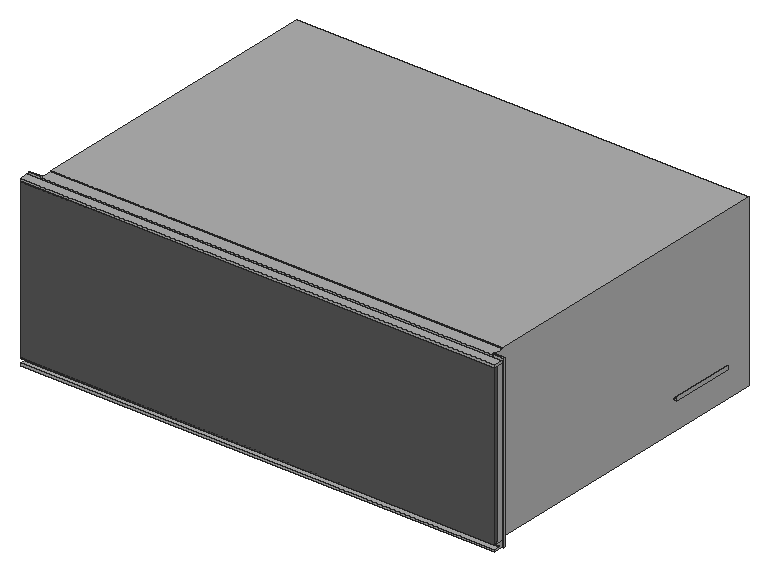
Revit family "FP-Revit20-en-VB30SDB1-VB30SDX1-VacuumDrawer-0-9000XXXX-US-CA", category Generic Models, Revit 2020
Family settings
  Can host rebar = No
  Round Connector Dimension = Use Diameter
  Part Type = Normal
  Work Plane-Based = No
  Always vertical = Yes
  Cut with Voids When Loaded = No
  Shared = No
  Room Calculation Point = No
Parameters (values of type "VB30SDB1")
  URL = "www.fisherpaykel.com"
  Product - Overall width = 760 mm  # constant formula
  Product - Overall Height = 271 mm  # constant formula
  Overall Depth - (Including front panel & power plug) = 571 mm  # constant formula
  Model = "VB30SDB1"
  Manufacturer = "Fisher & Paykel Appliances"
  Material - Glass = Fisher & Paykel - Glass, Black
  Description = "Vacuum Drawer, 30\""
  Default Elevation = 0 mm
  Connector note electrical = "120 v, 60 Hz, 10 A"
  Chassis - width = 722 mm  # constant formula
  Chassis - Depth (including power plug, excluding flange) = 551 mm  # constant formula
  Chassis - Depth = 546 mm  # constant formula
  Material - Chassis = Fisher & Paykel - Aluminium
  Cavity - Minimum width = 724 mm  # constant formula
  Cavity - Minimum Height = 273 mm  # constant formula
  Cavity - Minimum Depth = 580 mm  # constant formula
Types (3, lengths in mm): name | Model | Material - Glass
  (no name) | "VB30SDB1" | Fisher & Paykel - Glass, Black
  VB30SDB1 | "VB30SDB1" | Fisher & Paykel - Glass, Black
  VB30SDX1 | "VB30SDX1" | Fisher & Paykel - Stainless Steel
Reference planes
  plane 1 "Center (Front/Back)": y = 0
  plane 2: z = 0
  plane 3 "Center (Left/Right)": x = 0
  plane 4 "Chassis LHS": x = -361
  plane 5 "Chassis RHS": x = 361
  plane 6 "Chassis Depth": y = 551
  plane 7 "Cavity LHS": x = -362
  plane 8 "Cavity RHS": x = 362
  plane 9 "Cavity Depth": y = 580
  plane 10 "Cavity Height": z = 273
  plane 11 "Product Height": z = 271
  plane 12: x = -380
  plane 13: x = 380
  plane 14: y = 510
  plane 15: y = -433.9
  plane 16: y = -444.9
  plane 17: y = -19.9
  plane 18: y = 460
  plane 19: y = 358
Forms (mm)
  Extrusion 1, solid, material "Fisher & Paykel - Aluminium" <- "Material - Chassis"
    sketch origin (361, 0, 0) x (0, -1, 0) y (0, 0, 1)
      loop
        line (2, 270) -> (-18, 270) -> (-18, 271) -> (-510, 271) -> (-510, 0) -> (2, 0) -> (2, 270)
    from 0 to 722
  Extrusion 2, solid, material "Fisher & Paykel - Aluminium" <- "Material - Chassis"
    sketch origin (0, 0, 0) x (1, 0, 0) y (0, 1, 0)
      loop
        line (361, 0) -> (361, -2) -> (380, -2) -> (380, 0) -> (361, 0)
      loop
        line (-361, 0) -> (-380, 0) -> (-380, -2) -> (-361, -2) -> (-361, 0)
    from 0 to 271
  Extrusion 3, solid, material "Fisher & Paykel - Aluminium" <- "Material - Chassis"
    sketch origin (380, -1524, 425.869) x (0, 0, 1) y (0, 1, 0)
      loop
        line (-414.269, 1518) -> (-414.269, 1508.1) -> (-159.869, 1508.1) -> (-159.869, 1518) -> (-414.269, 1518)
    from 0.5 to 760
  Extrusion 4, solid, material "Fisher & Paykel - Aluminium" <- "Material - Chassis"
    sketch origin (380, -1524, 425.869) x (0, 0, 1) y (0, 1, 0)
      loop
        line (-155.869, 1504) -> (-155.869, 1518) -> (-159.869, 1518) -> (-159.869, 1504) -> (-155.869, 1504)
    from 0 to 760
  Extrusion 5, solid, material "Fisher & Paykel - Aluminium" <- "Material - Chassis"
    sketch origin (380, -1524, 425.869) x (0, 0, 1) y (0, 1, 0)
      loop
        line (-417.269, 1509.4) -> (-414.269, 1505.774) -> (-414.269, 1518) -> (-423.869, 1518) -> (-423.869, 1504.1) -> (-420.869, 1504.1) -> (-420.869, 1513) -> (-417.269, 1513) -> (-417.269, 1509.4)
    from 0 to 760
  Extrusion 6, solid, material "Fisher & Paykel - Glass, Black" <- "Material - Glass"
    sketch origin (0, 0, 0) x (1, 0, 0) y (0, 0, 1)
      loop
        line (378, 11.6) -> (380, 13.6) -> (380, 264.6) -> (378.6, 266) -> (0, 266) -> (-378.6, 266) -> (-380, 264.6) -> (-380, 13.6) -> (-378, 11.6) -> (0, 11.6) -> (378, 11.6)
    from 15.9 to 19.9
  Extrusion 7, solid
    sketch origin (-40, 510, 1200) x (1, 0, 0) y (0, 0, 1)
      loop
        line (331.5, -960) -> (306.5, -960) -> (306.5, -979) -> (331.5, -979) -> (331.5, -960)
    from -41 to 0
  Extrusion 8, solid
    sketch origin (266.5, 510, 240) x (0, 0, -1) y (0, -1, 0)
      loop
        circle (9.5, -32) r 7.931
    from 0 to 40
  Extrusion 9, void
    sketch origin (0, 0, 0) x (1, 0, 0) y (0, 1, 0)
      loop
        line (362, 580) -> (-362, 580) -> (-362, 0) -> (362, 0) -> (362, 580)
    from 0 to 273
  Extrusion 10, void
    sketch origin (0, 0, 0) x (1, 0, 0) y (0, 0, 1)
      loop
        line (-347.5, 5) -> (347.5, 5) -> (347.5, 250) -> (-347.5, 250) -> (-347.5, 5)
    from -2.075 to 2
  Extrusion 11, solid, material "Fisher & Paykel - Aluminium" <- "Material - Chassis"
    sketch origin (0, 0, 0) x (1, 0, 0) y (0, 0, 1)
      loop
        line (348.5, 5) -> (348.5, 251) -> (-348.5, 251) -> (-348.5, 5) -> (348.5, 5)
    from 2 to 6
  Extrusion 12, solid, material "Fisher & Paykel - Clearance Required (Non-Combustible)", detail levels coarse
    sketch origin (0, 0, 0) x (1, 0, 0) y (0, 1, 0)
      loop
        line (-380, -20) -> (-380, -444.9) -> (380, -444.9) -> (380, -20) -> (-380, -20)
    from 2 to 270
  Extrusion 13, solid
    sketch origin (361, 510, 271) x (0, 0, -1) y (-1, 0, 0)
      loop
        circle (66, 462.5) r 22.4
    from 0 to 18
  Extrusion 14, solid, material "Fisher & Paykel - Aluminium" <- "Material - Chassis"
    sketch origin (-459.049, 358, 1200) x (-1, 0, 0) y (0, 0, 1)
      loop
        line (-827.049, -1152) -> (-820.049, -1152) -> (-820.049, -1151) -> (-826.049, -1151) -> (-826.049, -1147) -> (-827.049, -1147) -> (-827.049, -1152)
      loop
        line (-91.049, -1152) -> (-91.049, -1147) -> (-92.049, -1147) -> (-92.049, -1151) -> (-98.049, -1151) -> (-98.049, -1152) -> (-91.049, -1152)
    from 0 to 102
Cuts and joins
  Extrusion 10 cuts Extrusion 1
  Extrusion 10 cuts Extrusion 3
  Extrusion 10 cuts Extrusion 5
  Extrusion 10 cuts Extrusion 6
Dimensions and locks
  equal spacing: plane 4 "Chassis LHS", plane 3 "Center (Left/Right)", plane 5 "Chassis RHS", locked at 361 each
  "Chassis - width": plane 4 "Chassis LHS" to plane 5 "Chassis RHS"
  "Cavity - Minimum width": plane 7 "Cavity LHS" to plane 8 "Cavity RHS"
  "Cavity - Minimum Depth": plane 9 "Cavity Depth" to plane 1 "Center (Front/Back)"
  "Cavity - Minimum Height": plane 10 "Cavity Height" to level
  "Product - Overall Height": plane 11 "Product Height" to level
  equal spacing: plane 13, plane 3 "Center (Left/Right)", plane 12
  "Product - Overall width": plane 12 to plane 13
  "Chassis - Depth (including power plug, excluding flange)": plane 1 "Center (Front/Back)" to plane 6 "Chassis Depth"
  locked: Extrusion 1 to Extrusion 7 at 41
  locked: Extrusion 7 to Extrusion 7 at 19
  Extrusion 8 to Extrusion 7 = 40 mm
  plane 16 to plane 17 = 425 mm
  locked: cut or joined group of Extrusion 1, Extrusion 10 to plane 13 at 19
  locked: plane 12 to cut or joined group of Extrusion 1, Extrusion 10 at 19
  equal spacing: plane 7 "Cavity LHS", plane 3 "Center (Left/Right)", plane 8 "Cavity RHS", locked at 362 each
  "Overall Depth - (Including front panel & power plug)": plane 6 "Chassis Depth" to Extrusion 12
  locked: plane 18 to plane 19 at 102
  locked: plane 18 to plane 14 at 50
  aligned and locked: level to plane 2
  aligned and locked: plane 11 "Product Height" to Extrusion 1 sketch curve
  aligned and locked: level to Extrusion 1 sketch curve
  aligned and locked: plane 13 to Extrusion 2 sketch curve
  aligned and locked: plane 1 "Center (Front/Back)" to Extrusion 2 sketch curve
  aligned and locked: Extrusion 2 sketch curve to plane 5 "Chassis RHS"
  aligned and locked: Extrusion 6 sketch curve to plane 13
  aligned and locked: Extrusion 9 sketch curve to plane 9 "Cavity Depth"
  aligned and locked: Extrusion 9 sketch curve to plane 1 "Center (Front/Back)"
  aligned and locked: plane 10 "Cavity Height" to Extrusion 9
  aligned and locked: Extrusion 7 to Extrusion 1
  aligned and locked: Extrusion 8 to Extrusion 7
  aligned and locked: plane 14 to Extrusion 7
  aligned and locked: cut or joined group of Extrusion 5, Extrusion 10 to Extrusion 11 sketch curve
  aligned and locked: Extrusion 2 to Extrusion 11
  aligned and locked: Extrusion 11 to Extrusion 4
  aligned and locked: plane 8 "Cavity RHS" to Extrusion 9 sketch curve
  aligned and locked: Extrusion 9 sketch curve to plane 7 "Cavity LHS"
  aligned and locked: Extrusion 12 sketch curve to plane 12
  aligned and locked: Extrusion 12 sketch curve to Extrusion 4
  aligned and locked: plane 13 to Extrusion 12 sketch curve
  aligned and locked: Extrusion 4 to Extrusion 12
  aligned and locked: Extrusion 12 to cut or joined group of Extrusion 5, Extrusion 10
  aligned and locked: plane 16 to Extrusion 12
  aligned and locked: plane 11 "Product Height" to Extrusion 2
  aligned and locked: Extrusion 7 to plane 6 "Chassis Depth"
  aligned and locked: Extrusion 1 to plane 5 "Chassis RHS"
  aligned and locked: plane 4 "Chassis LHS" to Extrusion 1
  aligned and locked: cut or joined group of Extrusion 1, Extrusion 10 to Extrusion 14 sketch curve
  aligned and locked: plane 18 to Extrusion 14
  aligned and locked: Extrusion 4 to plane 12
Automatic sketch dimensions
  plane 1 "Center (Front/Back)" to Extrusion 1 sketch curve = 2 mm
  Extrusion 1 sketch curve to plane 11 "Product Height" = 1 mm
  Extrusion 1 sketch curve to plane 1 "Center (Front/Back)" = 18 mm
  plane 1 "Center (Front/Back)" to Extrusion 2 sketch curve = 0 mm
  Extrusion 2 sketch curve to plane 12 = 0 mm
  Extrusion 2 sketch curve to plane 4 "Chassis LHS" = 0 mm
  Extrusion 2 sketch curve to Extrusion 2 sketch curve = 2 mm
  Extrusion 3 sketch curve to plane 1 "Center (Front/Back)" = 6 mm
  Extrusion 6 sketch curve to plane 12 = 0 mm
  plane 12 to Extrusion 6 sketch curve = 1.4 mm
  plane 12 to Extrusion 6 sketch curve = 2 mm
  plane 3 "Center (Left/Right)" to Extrusion 6 sketch curve = 0 mm  (x2)
  plane 13 to Extrusion 6 sketch curve = 1.4 mm
  Extrusion 6 sketch curve to Extrusion 6 sketch curve = 2 mm  (x2)
  Extrusion 6 sketch curve to Extrusion 6 sketch curve = 1.4 mm  (x2)
  Extrusion 8 sketch curve to Extrusion 7 = 9.5 mm
  Extrusion 7 to Extrusion 8 sketch curve = 9 mm
  Extrusion 1 sketch curve to plane 14 = 0 mm
  plane 1 "Center (Front/Back)" to Extrusion 2 sketch curve = 2 mm
  Extrusion 3 sketch curve to level = 11.6 mm
  plane 11 "Product Height" to Extrusion 3 sketch curve = 5 mm
  Extrusion 3 sketch curve to Extrusion 3 sketch curve = 9.9 mm
  plane 11 "Product Height" to Extrusion 4 sketch curve = 5 mm
  plane 11 "Product Height" to Extrusion 4 sketch curve = 1 mm
  Extrusion 4 sketch curve to plane 1 "Center (Front/Back)" = 6 mm
  Extrusion 4 sketch curve to Extrusion 4 sketch curve = 14 mm
  Extrusion 5 sketch curve to level = 2 mm
  Extrusion 5 sketch curve to Extrusion 5 sketch curve = 3 mm  (x2)
  Extrusion 5 sketch curve to Extrusion 5 sketch curve = 3.6 mm  (x2)
  Extrusion 5 sketch curve to plane 1 "Center (Front/Back)" = 6 mm
  Extrusion 5 sketch curve to Extrusion 5 sketch curve = 5 mm
  Extrusion 5 sketch curve to Extrusion 5 sketch curve = 3.626 mm
  Extrusion 5 sketch curve to Extrusion 5 sketch curve = 5.3 mm
  plane 13 to Extrusion 6 sketch curve = 2 mm
  level to Extrusion 6 sketch curve = 11.6 mm
  Extrusion 6 sketch curve to plane 11 "Product Height" = 6.4 mm
  Extrusion 7 sketch curve to plane 11 "Product Height" = 31 mm
  plane 5 "Chassis RHS" to Extrusion 7 sketch curve = 94.5 mm
  Extrusion 7 sketch curve to Extrusion 7 sketch curve = 25 mm
  Extrusion 7 sketch curve to Extrusion 7 sketch curve = 19 mm
  Extrusion 10 sketch curve to plane 11 "Product Height" = 21 mm
  level to Extrusion 10 sketch curve = 5 mm
  Extrusion 10 sketch curve to plane 4 "Chassis LHS" = 13.5 mm
  plane 5 "Chassis RHS" to Extrusion 10 sketch curve = 13.5 mm
  plane 5 "Chassis RHS" to Extrusion 11 sketch curve = 12.5 mm
  Extrusion 11 sketch curve to plane 4 "Chassis LHS" = 12.5 mm
  Extrusion 11 sketch curve to plane 11 "Product Height" = 20 mm
  Extrusion 12 sketch curve to plane 15 = 11 mm
  Extrusion 1 to Extrusion 13 sketch curve = 66 mm
  Extrusion 1 to Extrusion 13 sketch curve = 259.5 mm
  plane 4 "Chassis LHS" to Extrusion 14 sketch curve = 0 mm
  Extrusion 14 sketch curve to plane 8 "Cavity RHS" = 5 mm
  Extrusion 14 sketch curve to Extrusion 14 sketch curve = 1 mm  (x4)
  Extrusion 14 sketch curve to plane 7 "Cavity LHS" = 5 mm
  level to Extrusion 14 sketch curve = 48 mm  (x2)
  Extrusion 14 sketch curve to Extrusion 14 sketch curve = 4 mm  (x2)
  radius of Extrusion 8 sketch curve = 7.931 mm
  radius of Extrusion 13 sketch curve = 22.4 mm
Connectors
  electrical at (226.5, 542, 230.5), driven by "Connector note electrical"
    settings: on Extrusion 8, index 1, voltage 0 V, apparent load 0 VA, apparent load phase1 0 VA, apparent load phase2 0 VA, apparent load phase3 0 VA, power factor 1, load classification "Other", number of poles 1, system type 31, power factor state 1, is connector primary yes, connector utility no, sub classification motor no, connector description "120 v, 60 Hz, 10 A"
